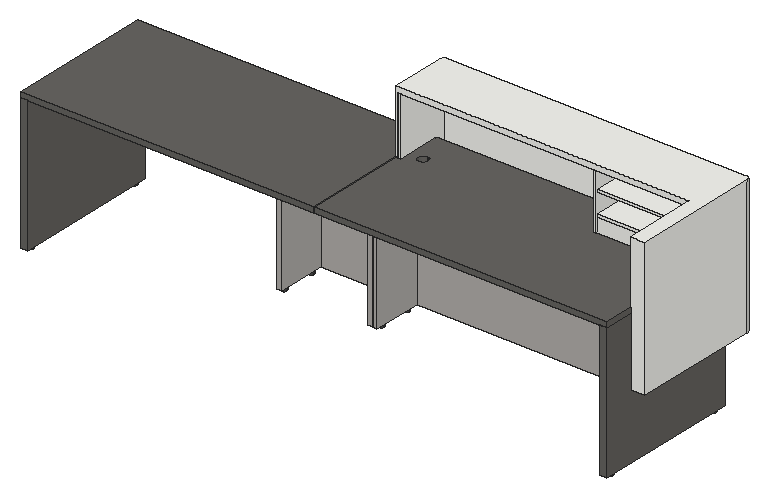
Revit family "Table-Teknion-CWRT_Reception_With_Transaction-R2016", category Furniture, Revit 2018 (continued)
Definition of nested family "Accessory-Teknion-Reception_Classic_Desk_Transaction_Counter-R2016"
  Forms (in)
    Sweep 17, solid, material <- "Outlet Finish", visible <- "Center"
      profile origin (8.03, 0, 0) x (0, 1, 0) y (0, 0, 1)
        loop
          arc (-5.667, 32.5) -> (-5.80842, 32.44142) -> (-5.867, 32.3) r 0.2
    Sweep 18, solid, material <- "Outlet Finish", visible <- "Center"
      path origin (10, 1.25, 0) x (-1, 0, 0) y (0, 1, 0)
        loop
          line (18, -1.25) -> (18.09, -1.25)
      profile origin (-8.045, 0, 0) x (0, -1, 0) y (0, 0, 1)
        loop
          arc (5.867, 32.3) -> (5.80842, 32.44142) -> (5.667, 32.5) r 0.2
          line (5.667, 32.5) -> (2.317, 32.5)
          arc (2.317, 32.5) -> (2.17558, 32.44142) -> (2.117, 32.3) r 0.2
          line (2.117, 32.3) -> (2.117, 30.7)
          arc (2.117, 30.7) -> (2.17558, 30.55858) -> (2.317, 30.5) r 0.2
          line (2.317, 30.5) -> (5.667, 30.5)
          arc (5.667, 30.5) -> (5.80842, 30.55858) -> (5.867, 30.7) r 0.2
          line (5.867, 30.7) -> (5.867, 32.3)
        loop
          line (5.32743, 32.03367) -> (4.3235, 32.03367)
          arc (4.3235, 32.03367) -> (4.30122, 32.02444) -> (4.292, 32.00217) r 0.0315
          line (4.292, 32.00217) -> (4.292, 30.99783)
          arc (4.292, 30.99783) -> (4.30122, 30.97556) -> (4.3235, 30.96633) r 0.0315
          line (4.3235, 30.96633) -> (5.32743, 30.96633)
          arc (5.32743, 30.96633) -> (5.3497, 30.97556) -> (5.35893, 30.99783) r 0.0315
          line (5.35893, 30.99783) -> (5.35893, 32.00217)
          arc (5.35893, 32.00217) -> (5.3497, 32.02444) -> (5.32743, 32.03367) r 0.0315
        loop
          line (3.65263, 32.0252) -> (2.68137, 32.0252)
          arc (2.68137, 32.0252) -> (2.65353, 32.01367) -> (2.642, 31.98583) r 0.03937
          line (2.642, 31.98583) -> (2.642, 31.01417)
          arc (2.642, 31.01417) -> (2.65353, 30.98633) -> (2.68137, 30.9748) r 0.03937
          line (2.68137, 30.9748) -> (3.65263, 30.9748)
          arc (3.65263, 30.9748) -> (3.68047, 30.98633) -> (3.692, 31.01417) r 0.03937
          line (3.692, 31.01417) -> (3.692, 31.98583)
          arc (3.692, 31.98583) -> (3.68047, 32.01367) -> (3.65263, 32.0252) r 0.03937
        loop
          line (3.17743, 31.81496) -> (3.17743, 31.66417) -> (3.60499, 31.66417) -> (3.60499, 31.81496) -> (3.17743, 31.81496)
        loop
          line (3.56562, 31.18504) -> (3.56562, 31.33583) -> (3.2168, 31.33583) -> (3.2168, 31.18504) -> (3.56562, 31.18504)
        loop
          line (4.75952, 31.24114) -> (4.75952, 31.75886) -> (4.53708, 31.75886) -> (4.53708, 31.24114) -> (4.75952, 31.24114)
        loop
          line (5.11385, 31.75886) -> (4.89141, 31.75886) -> (4.89141, 31.24114) -> (5.11385, 31.24114) -> (5.11385, 31.75886)
        loop
          line (2.77743, 31.64291) -> (2.77743, 31.35709) -> (2.92035, 31.35709)
          arc (2.92035, 31.35709) -> (3.06326, 31.5) -> (2.92035, 31.64291) r 0.14291
          line (2.92035, 31.64291) -> (2.77743, 31.64291)
    Sweep 19, solid, material <- "Outlet Finish", visible <- "Center"
      path origin (10, 1.25, 0) x (-1, 0, 0) y (0, 1, 0)
        loop
          line (18, -1.25) -> (18.1, -1.25)
      profile origin (-8.05, 0, 0) x (0, -1, 0) y (0, 0, 1)
        loop
          line (5.32743, 32.03367) -> (4.3235, 32.03367)
          arc (4.3235, 32.03367) -> (4.30122, 32.02444) -> (4.292, 32.00217) r 0.0315
          line (4.292, 32.00217) -> (4.292, 30.99783)
          arc (4.292, 30.99783) -> (4.30122, 30.97556) -> (4.3235, 30.96633) r 0.0315
          line (4.3235, 30.96633) -> (5.32743, 30.96633)
          arc (5.32743, 30.96633) -> (5.3497, 30.97556) -> (5.35893, 30.99783) r 0.0315
          line (5.35893, 30.99783) -> (5.35893, 32.00217)
          arc (5.35893, 32.00217) -> (5.3497, 32.02444) -> (5.32743, 32.03367) r 0.0315
        loop
          line (4.89141, 31.75886) -> (4.89141, 31.24114) -> (5.11385, 31.24114) -> (5.11385, 31.75886) -> (4.89141, 31.75886)
        loop
          line (4.53708, 31.75886) -> (4.53708, 31.24114) -> (4.75952, 31.24114) -> (4.75952, 31.75886) -> (4.53708, 31.75886)
        loop
          line (3.65263, 32.0252) -> (2.68137, 32.0252)
          arc (2.68137, 32.0252) -> (2.65353, 32.01367) -> (2.642, 31.98583) r 0.03937
          line (2.642, 31.98583) -> (2.642, 31.01417)
          arc (2.642, 31.01417) -> (2.65353, 30.98633) -> (2.68137, 30.9748) r 0.03937
          line (2.68137, 30.9748) -> (3.65263, 30.9748)
          arc (3.65263, 30.9748) -> (3.68047, 30.98633) -> (3.692, 31.01417) r 0.03937
          line (3.692, 31.01417) -> (3.692, 31.98583)
          arc (3.692, 31.98583) -> (3.68047, 32.01367) -> (3.65263, 32.0252) r 0.03937
        loop
          line (3.60499, 31.81496) -> (3.17743, 31.81496) -> (3.17743, 31.66417) -> (3.60499, 31.66417) -> (3.60499, 31.81496)
        loop
          line (3.2168, 31.33583) -> (3.2168, 31.18504) -> (3.56562, 31.18504) -> (3.56562, 31.33583) -> (3.2168, 31.33583)
        loop
          line (2.92035, 31.64291) -> (2.77743, 31.64291) -> (2.77743, 31.35709) -> (2.92035, 31.35709)
          arc (2.92035, 31.35709) -> (3.06326, 31.5) -> (2.92035, 31.64291) r 0.14291
    Sweep 20, solid, material <- "Outlet Finish", visible <- "Center"
      path origin (0, 0, 0) x (-1, 0, 0) y (0, 1, 0)
        loop
          line (8, 0) -> (8.06, 0)
      profile origin (-8.03, 0, 0) x (0, -1, 0) y (0, 0, 1)
        loop
          line (6.25046, 33) -> (1.75046, 33)
          arc (1.75046, 33) -> (1.57369, 32.92678) -> (1.50046, 32.75) r 0.25
          line (1.50046, 32.75) -> (1.50046, 30.25)
          arc (1.50046, 30.25) -> (1.57369, 30.07322) -> (1.75046, 30) r 0.25
          line (1.75046, 30) -> (6.25046, 30)
          arc (6.25046, 30) -> (6.42724, 30.07322) -> (6.50046, 30.25) r 0.25
          line (6.50046, 30.25) -> (6.50046, 32.75)
          arc (6.50046, 32.75) -> (6.42724, 32.92678) -> (6.25046, 33) r 0.25
        loop
          arc (5.867, 32.3) -> (5.80842, 32.44142) -> (5.667, 32.5) r 0.2
          line (5.667, 32.5) -> (2.317, 32.5)
          arc (2.317, 32.5) -> (2.17558, 32.44142) -> (2.117, 32.3) r 0.2
          line (2.117, 32.3) -> (2.117, 30.7)
          arc (2.117, 30.7) -> (2.17558, 30.55858) -> (2.317, 30.5) r 0.2
          line (2.317, 30.5) -> (5.667, 30.5)
          arc (5.667, 30.5) -> (5.80842, 30.55858) -> (5.867, 30.7) r 0.2
          line (5.867, 30.7) -> (5.867, 32.3)
    Sweep 21, void
      path origin (0, 0, 0) x (1, 0, 0) y (0, 1, 0)
        loop
          line (-36, 0) -> (72, 0)
      profile origin (18, 0, 0) x (0, 1, 0) y (0, 0, 1)
        loop
          line (0, 29.5) -> (-9, 29.5) -> (-9, 14.5) -> (-4, 14.5) -> (-4, 28.5) -> (0, 28.5) -> (0, 29.5)
    Sweep 22, void
      path origin (0, 0, 0) x (1, 0, 0) y (0, 1, 0)
        loop
          line (0.5, 0) -> (72, 0)
      profile origin (36.25, 0, 0) x (0, 1, 0) y (0, 0, 1)
        loop
          line (0, 29.5) -> (-9, 29.5) -> (-9, 14.5) -> (-4, 14.5) -> (-4, 28.5) -> (0, 28.5) -> (0, 29.5)
  Cuts and joins
    Sweep 22 cuts Sweep 1
    joined: Sweep 1, Sweep 3, Sweep 4
    Sweep 21 cuts Sweep 7
    joined: Sweep 7, Sweep 9
    Sweep 21 cuts Sweep 8
    Sweep 22 cuts Sweep 2
  Lines and regions (in)
    Masking region 1, visible <- "Left or Right"
      outline origin (0, 0, 0) x (1, 0, 0) y (0, 1, 0)
        loop
          line (0, -9) -> (72, -9) -> (72, 2)
          arc (72, 2) -> (71.70711, 2.70711) -> (71, 3) r 1
          line (71, 3) -> (-2, 3)
          arc (-2, 3) -> (-2.70711, 2.70711) -> (-3, 2) r 1
          line (-3, 2) -> (-3, -24) -> (0, -24) -> (0, -9)
    Masking region 2, visible <- "Center"
      outline origin (0, 0, 0) x (1, 0, 0) y (0, 1, 0)
        loop
          line (-36, -9) -> (36, -9) -> (36, 2)
          arc (36, 2) -> (35.70711, 2.70711) -> (35, 3) r 1
          line (35, 3) -> (-35, 3)
          arc (-35, 3) -> (-35.70711, 2.70711) -> (-36, 2) r 1
          line (-36, 2) -> (-36, -9)
    symbolic lines, visible <- "Left or Right", detail levels fine
      curve 1: line (0, -23.5, 0) -> (-2.5, -23.5, 0)
      curve 2: line (-2.5, 2.5, 0) -> (-2.5, -23.5, 0)
      curve 3: line (71.5, 2.5, 0) -> (-2.5, 2.5, 0)
      curve 4: line (71.5, -9, 0) -> (71.5, 2.5, 0)
      curve 5: line (71, 2, 0) -> (71, -9, 0)
      curve 6: line (-2, 2, 0) -> (71, 2, 0)
      curve 7: line (-2, -23, 0) -> (-2, 2, 0)
      curve 8: line (-0.5, -23, 0) -> (-2, -23, 0)
      curve 9: line (0, 2, 0) -> (0, -8.5, 0)
      curve 10: line (0.5, -8.5, 0) -> (0.5, 2, 0)
      curve 11: line (0, -8.5, 0) -> (0.5, -8.5, 0)
      curve 12: line (19.5, 2, 0) -> (19.5, -8.5, 0)
      curve 13: line (20, -8.5, 0) -> (20, 2, 0)
      curve 14: line (19.5, -8.5, 0) -> (20, -8.5, 0)
      curve 15: line (0.5, -8.375, 0) -> (19.5, -8.375, 0)
      curve 16: line (0.5, -8.275, 0) -> (19.5, -8.275, 0)
      curve 17: line (19.5, -7.775, 0) -> (0.5, -7.775, 0)
      curve 18: line (0, -9, 0) -> (0, -8.5, 0)
      curve 29: line (20.06, -8.15846, 0) -> (20.06, -1.50046, 0)
      curve 30: line (20.06, -1.50046, 0) -> (20, -1.50046, 0)
      curve 31: line (20.09, -5.867, 0) -> (20.09, -2.117, 0)
      curve 32: line (20.09, -2.117, 0) -> (20, -2.117, 0)
      curve 33: line (20, -5.867, 0) -> (20.09, -5.867, 0)
      curve 34: line (20.1, -4.292, 0) -> (20, -4.292, 0)
      curve 35: line (20, -5.35893, 0) -> (20.1, -5.35893, 0)
      curve 36: line (20, -3.692, 0) -> (20.1, -3.692, 0)
      curve 37: line (20.1, -2.642, 0) -> (20, -2.642, 0)
      curve 38: line (20.1, -2.642, 0) -> (20.1, -3.692, 0)
      curve 39: line (20.1, -4.292, 0) -> (20.1, -5.35893, 0)
      curve 64: line (-0.5, 2, 0) -> (-0.5, -23.5, 0)
      curve 68: line (19.5, 1.9, 0) -> (0.5, 1.9, 0)
    symbolic lines, visible <- "Center", detail levels fine
      curve 19: line (-35, 2, 0) -> (35, 2, 0)
      curve 20: line (-8, 2, 0) -> (-8, -8.5, 0)
      curve 21: line (-8, -8.5, 0) -> (-7.5, -8.5, 0)
      curve 22: line (-7.5, -8.5, 0) -> (-7.5, 2, 0)
      curve 23: line (8, -8.5, 0) -> (8, 2, 0)
      curve 24: line (7.5, -8.5, 0) -> (8, -8.5, 0)
      curve 25: line (7.5, 2, 0) -> (7.5, -8.5, 0)
      curve 26: line (7.5, -7.775, 0) -> (-7.5, -7.775, 0)
      curve 27: line (-7.5, -8.275, 0) -> (7.5, -8.275, 0)
      curve 28: line (-7.5, -8.375, 0) -> (7.5, -8.375, 0)
      curve 40: line (8.06, -1.50046, 0) -> (8, -1.50046, 0)
      curve 41: line (8, -6.50046, 0) -> (8.06, -6.50046, 0)
      curve 42: line (8.06, -6.50046, 0) -> (8.06, -1.50046, 0)
      curve 43: line (8, -5.867, 0) -> (8.09, -5.867, 0)
      curve 44: line (8.09, -2.117, 0) -> (8, -2.117, 0)
      curve 45: line (8.09, -5.867, 0) -> (8.09, -2.117, 0)
      curve 46: line (8.1, -2.642, 0) -> (8, -2.642, 0)
      curve 47: line (8, -3.692, 0) -> (8.1, -3.692, 0)
      curve 48: line (8.1, -4.292, 0) -> (8, -4.292, 0)
      curve 49: line (8, -5.35893, 0) -> (8.1, -5.35893, 0)
      curve 50: line (8.1, -5.35893, 0) -> (8.1, -4.292, 0)
      curve 51: line (8.1, -3.692, 0) -> (8.1, -2.642, 0)
      curve 52: line (-8, -1.50046, 0) -> (-8.06, -1.50046, 0)
      curve 53: line (-8.06, -6.50046, 0) -> (-8, -6.50046, 0)
      curve 54: line (-8.06, -1.50046, 0) -> (-8.06, -6.50046, 0)
      curve 55: line (-8.09, -5.867, 0) -> (-8, -5.867, 0)
      curve 56: line (-8, -2.117, 0) -> (-8.09, -2.117, 0)
      curve 57: line (-8.09, -2.117, 0) -> (-8.09, -5.867, 0)
      curve 58: line (-8, -2.642, 0) -> (-8.1, -2.642, 0)
      curve 59: line (-8.1, -3.692, 0) -> (-8, -3.692, 0)
      curve 60: line (-8, -4.292, 0) -> (-8.1, -4.292, 0)
      curve 61: line (-8.1, -5.35893, 0) -> (-8, -5.35893, 0)
      curve 62: line (-8.1, -5.35893, 0) -> (-8.1, -4.292, 0)
      curve 63: line (-8.1, -2.642, 0) -> (-8.1, -3.692, 0)
      curve 65: line (-35.5, 2.5, 0) -> (-35.5, -9, 0)
      curve 66: line (-35, -9, 0) -> (-35, 2, 0)
      curve 67: line (7.5, 1.9, 0) -> (-7.5, 1.9, 0)
      curve 69: line (35, 2, 0) -> (35, -9, 0)
      curve 70: line (35.5, -9, 0) -> (35.5, 2.5, 0)
      curve 71: line (35.5, 2.5, 0) -> (-35.5, 2.5, 0)
  Dimensions and locks (in)
    plane 4 "Left" to plane 5 "Right" = 75.000"
    locked: plane 6 "Back" to plane 7 "Front" at 12
    plane 8 "Top" to level = 42.50006"
    locked: plane 9 to plane 3 "Center Left/Right" at 3
    locked: plane 1 "Center Front/Back" to plane 11 at 3
    locked: plane 10 to plane 1 "Center Front/Back" at 24
    "Offset 1": plane 3 "Center Left/Right" to plane 12
    locked: plane 9 to Sweep 1 sketch curve at 0.5
    locked: plane 11 to Sweep 1 sketch curve at 0.5
    locked: Sweep 1 sketch curve to plane 10 at 0.5
    locked: plane 11 to Sweep 1 sketch curve at 12
    locked: plane 9 to Sweep 1 sketch curve at 1
    locked: plane 11 to Sweep 1 sketch curve at 1  (x2)
    locked: Sweep 1 sketch curve to plane 12 at 1
    Sweep 2 sketch curve to plane 13 = 26.941"
    Sweep 2 sketch curve to Sweep 2 sketch curve to plane 10 = 0.500" locked, 0.500" locked
    plane 11 to Sweep 2 sketch curve to Sweep 2 sketch curve to Sweep 2 sketch curve = 0.500" locked, 0.500" locked, 11.000" locked
    plane 9 to Sweep 2 sketch curve to Sweep 2 sketch curve to Sweep 2 sketch curve = 0.500" locked, 0.500" locked, 1.500" locked
    Sweep 2 sketch curve to Sweep 2 sketch curve to plane 12 = 0.500" locked, 0.500" locked
    locked: plane 8 "Top" to Sweep 3 sketch curve at 1.05906
    locked: Sweep 3 sketch curve to plane 10 at 15
    locked: plane 11 to Sweep 3 sketch curve at 1  (x2)
    locked: plane 9 to Sweep 3 sketch curve at 1
    locked: Sweep 3 sketch curve to plane 12 at 1
    "Offest 2": plane 3 "Center Left/Right" to plane 14
    Sweep 5 sketch curve to Sweep 5 sketch curve to plane 13 = 11.941" locked, 15.000" locked
    Sweep 5 sketch curve to Sweep 5 sketch curve to plane 11 = 0.000" locked, 1.000" locked
    Sweep 5 sketch curve to Sweep 5 sketch curve to plane 10 = 0.000" locked, 15.500" locked
    locked: plane 3 "Center Left/Right" to Sweep 5 sketch curve at 0.5
    locked: Sweep 5 sketch curve to plane 14 at 0.5
    locked: plane 3 "Center Left/Right" to Sweep 6 sketch curve at 0.5
    locked: Sweep 6 sketch curve to plane 14 at 0.5
    plane 13 to Sweep 6 sketch curve to Sweep 6 sketch curve to Sweep 6 sketch curve to Sweep 6 sketch curve to Sweep 6 sketch curve to Sweep 6 sketch curve = 15.000" locked, 3.000" locked, 0.000" locked, 0.500" locked, 4.000" locked, 0.500" locked
    plane 11 to Sweep 6 sketch curve to Sweep 6 sketch curve to Sweep 6 sketch curve to Sweep 6 sketch curve to Sweep 6 sketch curve to Sweep 6 sketch curve = 1.100" locked, 0.000" locked, 9.675" locked, 0.500" locked, 0.100" locked, 0.000" locked
    "Offset 3": plane 15 to plane 3 "Center Left/Right"
    "Offset 3": plane 3 "Center Left/Right" to plane 17
    plane 16 to plane 1 "Center Front/Back" to plane 18 = 9.000" locked, 3.000" locked
    locked: Sweep 7 sketch curve to level at 41.441
    Sweep 7 sketch curve to Sweep 7 sketch curve to Sweep 7 sketch curve to Sweep 7 sketch curve to Sweep 7 sketch curve to plane 18 = 0.000" locked, 11.000", 0.000" locked, 0.500" locked, 0.500" locked
    plane 15 to Sweep 7 sketch curve to Sweep 7 sketch curve = 0.500" locked, 0.500" locked
    Sweep 7 sketch curve to Sweep 7 sketch curve to plane 17 = 0.500" locked, 0.500" locked
    locked: Sweep 8 sketch curve to plane 13 at 26.941
    Sweep 8 sketch curve to Sweep 8 sketch curve to Sweep 8 sketch curve to Sweep 8 sketch curve to plane 18 = 0.000" locked, 11.000" locked, 0.500" locked, 0.500" locked
    plane 15 to Sweep 8 sketch curve to Sweep 8 sketch curve = 0.500" locked, 0.500" locked
    Sweep 8 sketch curve to Sweep 8 sketch curve to plane 17 = 0.500" locked, 0.500" locked
    plane 19 to plane 3 "Center Left/Right" to plane 20 = 8.000" locked, 8.000" locked
    locked: plane 8 "Top" to Sweep 9 sketch curve at 1.05906
    locked: plane 15 to Sweep 9 sketch curve at 1
    locked: Sweep 9 sketch curve to plane 18 at 1  (x2)
    Sweep 9 sketch curve to plane 17 = 1.000"
    Sweep 10 sketch curve to Sweep 10 sketch curve to plane 13 = 11.941", 15.000"
    Sweep 10 sketch curve to Sweep 10 sketch curve to plane 16 = 0.000" locked, 0.500" locked
    Sweep 10 sketch curve to Sweep 10 sketch curve to plane 18 = 0.000" locked, 1.000" locked
    locked: plane 19 to Sweep 10 sketch curve at 0.5
    locked: Sweep 10 sketch curve to plane 20 at 0.5
    Sweep 11 sketch curve to plane 3 "Center Left/Right" to Sweep 11 sketch curve = 7.500" locked, 7.500" locked
    plane 13 to Sweep 11 sketch curve to Sweep 11 sketch curve to Sweep 11 sketch curve to Sweep 11 sketch curve to Sweep 11 sketch curve to Sweep 11 sketch curve = 15.000", 3.000" locked, 0.000" locked, 0.500" locked, 4.000" locked, 0.500" locked
    Sweep 11 sketch curve to Sweep 11 sketch curve to plane 1 "Center Front/Back" to Sweep 11 sketch curve to Sweep 11 sketch curve to Sweep 11 sketch curve to Sweep 11 sketch curve = 0.000" locked, 1.900" locked, 7.775" locked, 0.500" locked, 0.100" locked, 0.000" locked
    locked: plane 9 to Masking region 1 sketch curve at 3
    locked: Masking region 1 sketch curve to plane 10 at 15
    locked: plane 9 to Masking region 1 sketch curve at 1
    locked: plane 11 to Masking region 1 sketch curve at 1  (x2)
    locked: Masking region 1 sketch curve to plane 12 at 1
    locked: Masking region 2 sketch curve to plane 18 at 1  (x2)
    locked: plane 15 to Masking region 2 sketch curve at 1
    locked: Masking region 2 sketch curve to plane 17 at 1
    "Top": plane 6 "Back" to plane 1 "Center Front/Back"
    "Left": plane 4 "Left" to plane 3 "Center Left/Right"
    "Right": plane 3 "Center Left/Right" to plane 5 "Right"
    locked: plane 14 to Sweep 12 sketch curve at 0.06
    Sweep 12 sketch curve to Sweep 12 sketch curve to Sweep 12 sketch curve to Sweep 12 sketch curve to Sweep 12 sketch curve to Sweep 12 sketch curve to Sweep 12 sketch curve to Sweep 12 sketch curve to Sweep 12 sketch curve to Sweep 12 sketch curve to Sweep 12 sketch curve to Sweep 12 sketch curve to level = 0.250" locked, 0.000" locked, 0.250" locked, 0.200" locked, 0.000" locked, 1.600" locked, 0.000" locked, 0.200" locked, 0.250" locked, 0.000" locked, 0.250" locked, 30.000" locked
    plane 16 to Sweep 12 sketch curve to Sweep 12 sketch curve to Sweep 12 sketch curve to Sweep 12 sketch curve to Sweep 12 sketch curve to Sweep 12 sketch curve to Sweep 12 sketch curve to Sweep 12 sketch curve to Sweep 12 sketch curve to Sweep 12 sketch curve to Sweep 12 sketch curve to Sweep 12 sketch curve = 2.49954" locked, 0.250" locked, 0.000" locked, 0.38346" locked, 0.200" locked, 0.000" locked, 3.350" locked, 0.000" locked, 0.200" locked, 0.36654" locked, 0.000" locked, 0.250" locked
    locked: plane 14 to Sweep 13 sketch curve at 0.09
    plane 16 to Sweep 13 sketch curve to Sweep 13 sketch curve to Sweep 13 sketch curve to Sweep 13 sketch curve to Sweep 13 sketch curve to Sweep 13 sketch curve to Sweep 13 sketch curve to Sweep 13 sketch curve to Sweep 13 sketch curve to Sweep 13 sketch curve to Sweep 13 sketch curve to Sweep 13 sketch curve to Sweep 13 sketch curve to Sweep 13 sketch curve to Sweep 13 sketch curve to Sweep 13 sketch curve to Sweep 13 sketch curve to Sweep 13 sketch curve to Sweep 13 sketch curve to Sweep 13 sketch curve to Sweep 13 sketch curve to Sweep 13 sketch curve to Sweep 13 sketch curve to Sweep 13 sketch curve to Sweep 13 sketch curve to Sweep 13 sketch curve to Sweep 13 sketch curve to Sweep 13 sketch curve = 3.133" locked, 0.200" locked, 0.000" locked, 0.30807" locked, 0.0315" locked, 0.000" locked, 0.21358" locked, 0.22244" locked, 0.13189" locked, 0.22244" locked, 0.21358" locked, 0.000" locked, 0.0315" locked, 0.600" locked, 0.03937" locked, 0.000" locked, 0.04764" locked, 0.03937" locked, 0.34882" locked, 0.03937" locked, 0.25709" locked, 0.14291" locked, 0.09606" locked, 0.000" locked, 0.03937" locked, 0.325" locked, 0.000" locked, 0.200" locked
    Sweep 13 sketch curve to Sweep 13 sketch curve to Sweep 13 sketch curve to Sweep 13 sketch curve to Sweep 13 sketch curve to Sweep 13 sketch curve to Sweep 13 sketch curve to Sweep 13 sketch curve to Sweep 13 sketch curve to Sweep 13 sketch curve to Sweep 13 sketch curve to Sweep 13 sketch curve to Sweep 13 sketch curve to Sweep 13 sketch curve to Sweep 13 sketch curve to Sweep 13 sketch curve to Sweep 13 sketch curve to Sweep 13 sketch curve to Sweep 13 sketch curve to Sweep 13 sketch curve to Sweep 13 sketch curve to Sweep 13 sketch curve to Sweep 13 sketch curve to Sweep 13 sketch curve to Sweep 13 sketch curve to Sweep 13 sketch curve to Sweep 13 sketch curve to Sweep 13 sketch curve to level = 0.200" locked, 0.000" locked, 0.26633" locked, 0.00847" locked, 0.02303" locked, 0.000" locked, 0.01634" locked, 0.000" locked, 0.17087" locked, 0.0561" locked, 0.000" locked, 0.09469" locked, 0.02126" locked, 0.28583" locked, 0.02126" locked, 0.09469" locked, 0.000" locked, 0.0561" locked, 0.17087" locked, 0.000" locked, 0.01634" locked, 0.000" locked, 0.02303" locked, 0.00847" locked, 0.26633" locked, 0.000" locked, 0.200" locked, 30.500" locked
    locked: plane 14 to Sweep 14 sketch curve at 0.1
    Sweep 14 sketch curve to Sweep 14 sketch curve to Sweep 14 sketch curve to Sweep 14 sketch curve to Sweep 14 sketch curve to Sweep 14 sketch curve to Sweep 14 sketch curve to Sweep 14 sketch curve to Sweep 14 sketch curve to Sweep 14 sketch curve to Sweep 14 sketch curve to Sweep 14 sketch curve to Sweep 14 sketch curve to Sweep 14 sketch curve to Sweep 14 sketch curve to Sweep 14 sketch curve to Sweep 14 sketch curve to Sweep 14 sketch curve to Sweep 14 sketch curve to Sweep 14 sketch curve to Sweep 14 sketch curve to Sweep 14 sketch curve to level = 0.00847" locked, 0.02303" locked, 0.000" locked, 0.01634" locked, 0.000" locked, 0.17087" locked, 0.0561" locked, 0.000" locked, 0.09469" locked, 0.02126" locked, 0.28583" locked, 0.02126" locked, 0.09469" locked, 0.000" locked, 0.0561" locked, 0.17087" locked, 0.000" locked, 0.01634" locked, 0.000" locked, 0.02303" locked, 0.00847" locked, 30.96633" locked
    plane 16 to Sweep 14 sketch curve to Sweep 14 sketch curve to Sweep 14 sketch curve to Sweep 14 sketch curve to Sweep 14 sketch curve to Sweep 14 sketch curve to Sweep 14 sketch curve to Sweep 14 sketch curve to Sweep 14 sketch curve to Sweep 14 sketch curve to Sweep 14 sketch curve to Sweep 14 sketch curve to Sweep 14 sketch curve to Sweep 14 sketch curve to Sweep 14 sketch curve to Sweep 14 sketch curve to Sweep 14 sketch curve to Sweep 14 sketch curve to Sweep 14 sketch curve to Sweep 14 sketch curve to Sweep 14 sketch curve to Sweep 14 sketch curve = 3.64107" locked, 0.0315" locked, 0.000" locked, 0.21358" locked, 0.22244" locked, 0.13189" locked, 0.22244" locked, 0.21358" locked, 0.000" locked, 0.0315" locked, 0.600" locked, 0.03937" locked, 0.000" locked, 0.04764" locked, 0.03937" locked, 0.34882" locked, 0.03937" locked, 0.25709" locked, 0.14291" locked, 0.09606" locked, 0.000" locked, 0.03937" locked
    plane 16 to Sweep 15 sketch curve to Sweep 15 sketch curve to Sweep 15 sketch curve to Sweep 15 sketch curve to Sweep 15 sketch curve to Sweep 15 sketch curve to Sweep 15 sketch curve to Sweep 15 sketch curve to Sweep 15 sketch curve to Sweep 15 sketch curve to Sweep 15 sketch curve to Sweep 15 sketch curve to Sweep 15 sketch curve to Sweep 15 sketch curve to Sweep 15 sketch curve to Sweep 15 sketch curve to Sweep 15 sketch curve to Sweep 15 sketch curve to Sweep 15 sketch curve to Sweep 15 sketch curve to Sweep 15 sketch curve to Sweep 15 sketch curve to Sweep 15 sketch curve to Sweep 15 sketch curve to Sweep 15 sketch curve to Sweep 15 sketch curve to Sweep 15 sketch curve to Sweep 15 sketch curve = 3.133" locked, 0.200" locked, 0.000" locked, 0.30807" locked, 0.0315" locked, 0.000" locked, 0.21358" locked, 0.22244" locked, 0.13189" locked, 0.22244" locked, 0.21358" locked, 0.000" locked, 0.0315" locked, 0.600" locked, 0.03937" locked, 0.000" locked, 0.04764" locked, 0.03937" locked, 0.34882" locked, 0.03937" locked, 0.25709" locked, 0.14291" locked, 0.09606" locked, 0.000" locked, 0.03937" locked, 0.325" locked, 0.000" locked, 0.200" locked
    Sweep 15 sketch curve to Sweep 15 sketch curve to Sweep 15 sketch curve to Sweep 15 sketch curve to Sweep 15 sketch curve to Sweep 15 sketch curve to Sweep 15 sketch curve to Sweep 15 sketch curve to Sweep 15 sketch curve to Sweep 15 sketch curve to Sweep 15 sketch curve to Sweep 15 sketch curve to Sweep 15 sketch curve to Sweep 15 sketch curve to Sweep 15 sketch curve to Sweep 15 sketch curve to Sweep 15 sketch curve to Sweep 15 sketch curve to Sweep 15 sketch curve to Sweep 15 sketch curve to Sweep 15 sketch curve to Sweep 15 sketch curve to Sweep 15 sketch curve to Sweep 15 sketch curve to Sweep 15 sketch curve to Sweep 15 sketch curve to Sweep 15 sketch curve to Sweep 15 sketch curve to level = 0.200" locked, 0.000" locked, 0.26633" locked, 0.00847" locked, 0.02303" locked, 0.000" locked, 0.01634" locked, 0.000" locked, 0.17087" locked, 0.0561" locked, 0.000" locked, 0.09469" locked, 0.02126" locked, 0.28583" locked, 0.02126" locked, 0.09469" locked, 0.000" locked, 0.0561" locked, 0.17087" locked, 0.000" locked, 0.01634" locked, 0.000" locked, 0.02303" locked, 0.00847" locked, 0.26633" locked, 0.000" locked, 0.200" locked, 30.500" locked
    Sweep 16 sketch curve to Sweep 16 sketch curve to Sweep 16 sketch curve to Sweep 16 sketch curve to Sweep 16 sketch curve to Sweep 16 sketch curve to Sweep 16 sketch curve to Sweep 16 sketch curve to Sweep 16 sketch curve to Sweep 16 sketch curve to Sweep 16 sketch curve to Sweep 16 sketch curve to Sweep 16 sketch curve to Sweep 16 sketch curve to Sweep 16 sketch curve to Sweep 16 sketch curve to Sweep 16 sketch curve to Sweep 16 sketch curve to Sweep 16 sketch curve to Sweep 16 sketch curve to Sweep 16 sketch curve to Sweep 16 sketch curve to level = 0.00847" locked, 0.02303" locked, 0.000" locked, 0.01634" locked, 0.000" locked, 0.17087" locked, 0.0561" locked, 0.000" locked, 0.09469" locked, 0.02126" locked, 0.28583" locked, 0.02126" locked, 0.09469" locked, 0.000" locked, 0.0561" locked, 0.17087" locked, 0.000" locked, 0.01634" locked, 0.000" locked, 0.02303" locked, 0.00847" locked, 30.96633" locked
    plane 16 to Sweep 16 sketch curve to Sweep 16 sketch curve to Sweep 16 sketch curve to Sweep 16 sketch curve to Sweep 16 sketch curve to Sweep 16 sketch curve to Sweep 16 sketch curve to Sweep 16 sketch curve to Sweep 16 sketch curve to Sweep 16 sketch curve to Sweep 16 sketch curve to Sweep 16 sketch curve to Sweep 16 sketch curve to Sweep 16 sketch curve to Sweep 16 sketch curve to Sweep 16 sketch curve to Sweep 16 sketch curve to Sweep 16 sketch curve to Sweep 16 sketch curve to Sweep 16 sketch curve to Sweep 16 sketch curve to Sweep 16 sketch curve = 3.64107" locked, 0.0315" locked, 0.000" locked, 0.21358" locked, 0.22244" locked, 0.13189" locked, 0.22244" locked, 0.21358" locked, 0.000" locked, 0.0315" locked, 0.600" locked, 0.03937" locked, 0.000" locked, 0.04764" locked, 0.03937" locked, 0.34882" locked, 0.03937" locked, 0.25709" locked, 0.14291" locked, 0.09606" locked, 0.000" locked, 0.03937" locked
    locked: plane 20 to Sweep 17 sketch curve at 0.06
    plane 16 to Sweep 17 sketch curve to Sweep 17 sketch curve to Sweep 17 sketch curve to Sweep 17 sketch curve to Sweep 17 sketch curve to Sweep 17 sketch curve to Sweep 17 sketch curve to Sweep 17 sketch curve to Sweep 17 sketch curve to Sweep 17 sketch curve to Sweep 17 sketch curve to Sweep 17 sketch curve = 2.49954" locked, 0.250" locked, 0.000" locked, 0.38346" locked, 0.200" locked, 0.000" locked, 3.350" locked, 0.000" locked, 0.200" locked, 0.36654" locked, 0.000" locked, 0.250" locked
    Sweep 17 sketch curve to Sweep 17 sketch curve to Sweep 17 sketch curve to Sweep 17 sketch curve to Sweep 17 sketch curve to Sweep 17 sketch curve to Sweep 17 sketch curve to Sweep 17 sketch curve to Sweep 17 sketch curve to Sweep 17 sketch curve to Sweep 17 sketch curve to Sweep 17 sketch curve to level = 0.250" locked, 0.000" locked, 0.250" locked, 0.200" locked, 0.000" locked, 1.600" locked, 0.000" locked, 0.200" locked, 0.250" locked, 0.000" locked, 0.250" locked, 30.000" locked
    Sweep 18 sketch curve to Sweep 18 sketch curve to Sweep 18 sketch curve to Sweep 18 sketch curve to Sweep 18 sketch curve to Sweep 18 sketch curve to Sweep 18 sketch curve to Sweep 18 sketch curve to Sweep 18 sketch curve to Sweep 18 sketch curve to Sweep 18 sketch curve to Sweep 18 sketch curve to Sweep 18 sketch curve to Sweep 18 sketch curve to Sweep 18 sketch curve to Sweep 18 sketch curve to Sweep 18 sketch curve to Sweep 18 sketch curve to Sweep 18 sketch curve to Sweep 18 sketch curve to Sweep 18 sketch curve to Sweep 18 sketch curve to Sweep 18 sketch curve to Sweep 18 sketch curve to Sweep 18 sketch curve to Sweep 18 sketch curve to Sweep 18 sketch curve to Sweep 18 sketch curve to plane 16 = 0.200" locked, 0.000" locked, 0.325" locked, 0.03937" locked, 0.000" locked, 0.09606" locked, 0.14291" locked, 0.25709" locked, 0.03937" locked, 0.34882" locked, 0.03937" locked, 0.04764" locked, 0.000" locked, 0.03937" locked, 0.600" locked, 0.0315" locked, 0.000" locked, 0.21358" locked, 0.22244" locked, 0.13189" locked, 0.22244" locked, 0.21358" locked, 0.000" locked, 0.0315" locked, 0.30807" locked, 0.000" locked, 0.200" locked, 3.133" locked
    Sweep 18 sketch curve to Sweep 18 sketch curve to Sweep 18 sketch curve to Sweep 18 sketch curve to Sweep 18 sketch curve to Sweep 18 sketch curve to Sweep 18 sketch curve to Sweep 18 sketch curve to Sweep 18 sketch curve to Sweep 18 sketch curve to Sweep 18 sketch curve to Sweep 18 sketch curve to Sweep 18 sketch curve to Sweep 18 sketch curve to Sweep 18 sketch curve to Sweep 18 sketch curve to Sweep 18 sketch curve to Sweep 18 sketch curve to Sweep 18 sketch curve to Sweep 18 sketch curve to Sweep 18 sketch curve to Sweep 18 sketch curve to Sweep 18 sketch curve to Sweep 18 sketch curve to Sweep 18 sketch curve to Sweep 18 sketch curve to Sweep 18 sketch curve to Sweep 18 sketch curve to level = 0.200" locked, 0.000" locked, 0.26633" locked, 0.00847" locked, 0.02303" locked, 0.000" locked, 0.01634" locked, 0.000" locked, 0.17087" locked, 0.0561" locked, 0.000" locked, 0.09469" locked, 0.02126" locked, 0.28583" locked, 0.02126" locked, 0.09469" locked, 0.000" locked, 0.0561" locked, 0.17087" locked, 0.000" locked, 0.01634" locked, 0.000" locked, 0.02303" locked, 0.00847" locked, 0.26633" locked, 0.000" locked, 0.200" locked, 30.500" locked
    Sweep 19 sketch curve to Sweep 19 sketch curve to Sweep 19 sketch curve to Sweep 19 sketch curve to Sweep 19 sketch curve to Sweep 19 sketch curve to Sweep 19 sketch curve to Sweep 19 sketch curve to Sweep 19 sketch curve to Sweep 19 sketch curve to Sweep 19 sketch curve to Sweep 19 sketch curve to Sweep 19 sketch curve to Sweep 19 sketch curve to Sweep 19 sketch curve to Sweep 19 sketch curve to Sweep 19 sketch curve to Sweep 19 sketch curve to Sweep 19 sketch curve to Sweep 19 sketch curve to Sweep 19 sketch curve to Sweep 19 sketch curve to level = 0.00847" locked, 0.02303" locked, 0.000" locked, 0.01634" locked, 0.000" locked, 0.17087" locked, 0.0561" locked, 0.000" locked, 0.09469" locked, 0.02126" locked, 0.28583" locked, 0.02126" locked, 0.09469" locked, 0.000" locked, 0.0561" locked, 0.17087" locked, 0.000" locked, 0.01634" locked, 0.000" locked, 0.02303" locked, 0.00847" locked, 30.96633" locked
    Sweep 19 sketch curve to Sweep 19 sketch curve to Sweep 19 sketch curve to Sweep 19 sketch curve to Sweep 19 sketch curve to Sweep 19 sketch curve to Sweep 19 sketch curve to Sweep 19 sketch curve to Sweep 19 sketch curve to Sweep 19 sketch curve to Sweep 19 sketch curve to Sweep 19 sketch curve to Sweep 19 sketch curve to Sweep 19 sketch curve to Sweep 19 sketch curve to Sweep 19 sketch curve to Sweep 19 sketch curve to Sweep 19 sketch curve to Sweep 19 sketch curve to Sweep 19 sketch curve to Sweep 19 sketch curve to Sweep 19 sketch curve to plane 16 = 0.03937" locked, 0.000" locked, 0.09606" locked, 0.14291" locked, 0.25709" locked, 0.03937" locked, 0.34882" locked, 0.03937" locked, 0.04764" locked, 0.000" locked, 0.03937" locked, 0.600" locked, 0.0315" locked, 0.000" locked, 0.21358" locked, 0.22244" locked, 0.13189" locked, 0.22244" locked, 0.21358" locked, 0.000" locked, 0.0315" locked, 3.64107" locked
    Sweep 20 sketch curve to Sweep 20 sketch curve to Sweep 20 sketch curve to Sweep 20 sketch curve to Sweep 20 sketch curve to Sweep 20 sketch curve to Sweep 20 sketch curve to Sweep 20 sketch curve to Sweep 20 sketch curve to Sweep 20 sketch curve to Sweep 20 sketch curve to Sweep 20 sketch curve to plane 16 = 0.250" locked, 0.000" locked, 0.36654" locked, 0.200" locked, 0.000" locked, 3.350" locked, 0.000" locked, 0.200" locked, 0.38346" locked, 0.000" locked, 0.250" locked, 2.49954" locked
    Sweep 20 sketch curve to Sweep 20 sketch curve to Sweep 20 sketch curve to Sweep 20 sketch curve to Sweep 20 sketch curve to Sweep 20 sketch curve to Sweep 20 sketch curve to Sweep 20 sketch curve to Sweep 20 sketch curve to Sweep 20 sketch curve to Sweep 20 sketch curve to Sweep 20 sketch curve to level = 0.250" locked, 0.000" locked, 0.250" locked, 0.200" locked, 0.000" locked, 1.600" locked, 0.000" locked, 0.200" locked, 0.250" locked, 0.000" locked, 0.250" locked, 30.000" locked
    locked: Sweep 20 sketch curve to plane 19 at 0.06
    locked: Sweep 18 sketch curve to plane 19 at 0.09
    locked: Sweep 19 sketch curve to plane 19 at 0.1
    locked: plane 20 to Sweep 15 sketch curve at 0.09
    locked: plane 20 to Sweep 16 sketch curve at 0.1
    plane 13 to level = 14.500"
    Sweep 4 sketch curve to Sweep 4 sketch curve to level = 12.941" locked, 28.500" locked
    locked: Sweep 21 sketch curve to plane 16 at 5
    locked: Sweep 21 sketch curve to level at 29.5
    locked: plane 3 "Center Left/Right" to Sweep 22 sketch curve at 0.5
    locked: plane 1 "Center Front/Back" to Sweep 22 sketch curve at 4
    Sweep 22 sketch curve to Sweep 22 sketch curve to level = 1.000" locked, 28.500" locked
    Sweep 4 sketch curve to plane 1 "Center Front/Back" to Sweep 4 sketch curve = 23.500" locked, 2.000" locked
    locked: Sweep 4 sketch curve to plane 3 "Center Left/Right" at 0.5
    aligned and locked: level to plane 2
    aligned and locked: plane 8 "Top" to Sweep 1 sketch curve
    aligned and locked: plane 3 "Center Left/Right" to Sweep 1 sketch curve  (x2)
    aligned and locked: plane 13 to Sweep 1 sketch curve
    aligned and locked: plane 10 to Sweep 1 sketch curve
    aligned and locked: Sweep 1 sketch curve to plane 9
    aligned and locked: Sweep 1 sketch curve to plane 11
    aligned and locked: Sweep 1 sketch curve to plane 12
    aligned and locked: plane 3 "Center Left/Right" to Sweep 2 sketch curve
    aligned and locked: plane 13 to Sweep 2 sketch curve
    aligned and locked: plane 3 "Center Left/Right" to Sweep 3 sketch curve
    aligned and locked: plane 8 "Top" to Sweep 3 sketch curve
    aligned and locked: Sweep 3 sketch curve to plane 9
    aligned and locked: Sweep 3 sketch curve to plane 11
    aligned and locked: plane 12 to Sweep 3 sketch curve
    aligned and locked: Sweep 3 sketch curve to plane 10
    aligned and locked: Sweep 3 sketch curve to plane 3 "Center Left/Right"
    aligned and locked: plane 3 "Center Left/Right" to Sweep 5 sketch curve
    aligned and locked: Sweep 5 sketch curve to plane 14
    aligned and locked: plane 1 "Center Front/Back" to Sweep 6 sketch curve
    aligned and locked: plane 3 "Center Left/Right" to Sweep 7 sketch curve
    aligned and locked: Sweep 7 sketch curve to plane 15
    aligned and locked: Sweep 7 sketch curve to plane 18
    aligned and locked: Sweep 7 sketch curve to plane 17
    aligned and locked: plane 13 to Sweep 7 sketch curve
    aligned and locked: plane 13 to Sweep 8 sketch curve
    aligned and locked: plane 3 "Center Left/Right" to Sweep 8 sketch curve
    aligned and locked: plane 3 "Center Left/Right" to Sweep 9 sketch curve
    aligned and locked: plane 8 "Top" to Sweep 9 sketch curve
    aligned and locked: Sweep 9 sketch curve to plane 16
    aligned and locked: Sweep 9 sketch curve to plane 18
    aligned and locked: Sweep 9 sketch curve to plane 17
    aligned and locked: Sweep 9 sketch curve to plane 15
    aligned and locked: plane 3 "Center Left/Right" to Sweep 10 sketch curve
    aligned and locked: Sweep 10 sketch curve to plane 20
    aligned and locked: Sweep 10 sketch curve to plane 19
    aligned and locked: plane 1 "Center Front/Back" to Sweep 11 sketch curve
    aligned and locked: Masking region 1 sketch curve to plane 9
    aligned and locked: Masking region 1 sketch curve to plane 11
    aligned and locked: Masking region 1 sketch curve to plane 12
    aligned and locked: Masking region 1 sketch curve to plane 10
    aligned and locked: Masking region 2 sketch curve to plane 16
    aligned and locked: Masking region 2 sketch curve to plane 17
    aligned and locked: Masking region 2 sketch curve to plane 18
    aligned and locked: Masking region 2 sketch curve to plane 15
    aligned and locked: curve 1 to cut or joined group of Sweep 1, Sweep 3, Sweep 4, Sweep 22
    aligned and locked: curve 2 to Sweep 2
    aligned and locked: Sweep 2 to curve 4
    aligned and locked: curve 5 to Sweep 2
    aligned and locked: curve 6 to Sweep 2
    aligned and locked: curve 7 to Sweep 2
    aligned and locked: curve 8 to Sweep 2
    aligned and locked: curve 9 to Sweep 5
    aligned and locked: curve 10 to Sweep 5
    aligned and locked: curve 11 to Sweep 5
    aligned and locked: curve 12 to Sweep 5
    aligned and locked: curve 13 to Sweep 5
    aligned and locked: curve 14 to Sweep 5
    aligned and locked: curve 15 to Sweep 6
    aligned and locked: curve 16 to Sweep 6
    aligned and locked: curve 17 to Sweep 6
    aligned and locked: curve 18 to Sweep 5
    aligned and locked: curve 18 to Masking region 1
    aligned and locked: curve 19 to Sweep 8
    aligned and locked: curve 20 to Sweep 10
    aligned and locked: curve 21 to Sweep 10
    aligned and locked: curve 22 to Sweep 10
    aligned and locked: curve 23 to Sweep 10
    aligned and locked: curve 24 to Sweep 10
    aligned and locked: curve 25 to Sweep 10
    aligned and locked: Sweep 11 to curve 26
    aligned and locked: curve 27 to Sweep 11
    aligned and locked: curve 28 to Sweep 11
    aligned and locked: plane 14 to Sweep 12 sketch curve
    aligned and locked: plane 1 "Center Front/Back" to Sweep 12 sketch curve
    aligned and locked: plane 14 to Sweep 13 sketch curve
    aligned and locked: plane 1 "Center Front/Back" to Sweep 13 sketch curve
    aligned and locked: plane 14 to Sweep 14 sketch curve
    aligned and locked: plane 1 "Center Front/Back" to Sweep 14 sketch curve
    aligned and locked: plane 1 "Center Front/Back" to Sweep 15 sketch curve
    aligned and locked: plane 1 "Center Front/Back" to Sweep 16 sketch curve
    aligned and locked: plane 20 to Sweep 17 sketch curve
    aligned and locked: plane 1 "Center Front/Back" to Sweep 17 sketch curve
    aligned and locked: plane 19 to Sweep 20 sketch curve
    aligned and locked: Sweep 20 sketch curve to plane 1 "Center Front/Back"
    aligned and locked: Sweep 18 sketch curve to plane 1 "Center Front/Back"
    aligned and locked: plane 19 to Sweep 18 sketch curve
    aligned and locked: Sweep 19 sketch curve to plane 1 "Center Front/Back"
    aligned and locked: plane 19 to Sweep 19 sketch curve
    aligned and locked: plane 20 to Sweep 15 sketch curve
    aligned and locked: plane 20 to Sweep 16 sketch curve
    aligned and locked: curve 29 to Sweep 12
    aligned and locked: curve 30 to Sweep 12
    aligned and locked: curve 31 to Sweep 13
    aligned and locked: curve 32 to Sweep 13
    aligned and locked: curve 33 to Sweep 13
    aligned and locked: curve 34 to Sweep 14
    aligned and locked: curve 35 to Sweep 14
    aligned and locked: curve 36 to Sweep 14
    aligned and locked: curve 37 to Sweep 14
    aligned and locked: curve 39 to Sweep 14
    aligned and locked: curve 38 to Sweep 14
    aligned and locked: curve 40 to Sweep 17
    aligned and locked: curve 41 to Sweep 17
    aligned and locked: curve 42 to Sweep 17
    aligned and locked: curve 43 to Sweep 15
    aligned and locked: curve 44 to Sweep 15
    aligned and locked: curve 45 to Sweep 15
    aligned and locked: curve 46 to Sweep 16
    aligned and locked: curve 47 to Sweep 16
    aligned and locked: curve 48 to Sweep 16
    aligned and locked: curve 49 to Sweep 16
    aligned and locked: curve 50 to Sweep 16
    aligned and locked: Sweep 16 to curve 51
    aligned and locked: curve 52 to Sweep 20
    aligned and locked: curve 53 to Sweep 20
    aligned and locked: curve 54 to Sweep 20
    aligned and locked: curve 55 to Sweep 18
    aligned and locked: curve 56 to Sweep 18
    aligned and locked: curve 57 to Sweep 18
    aligned and locked: curve 58 to Sweep 19
    aligned and locked: curve 59 to Sweep 19
    aligned and locked: curve 60 to Sweep 19
    aligned and locked: curve 61 to Sweep 19
    aligned and locked: curve 62 to Sweep 19
    aligned and locked: curve 63 to Sweep 19
    aligned and locked: plane 15 to Sweep 21 sketch curve
    aligned and locked: Sweep 21 sketch curve to plane 1 "Center Front/Back"
    aligned and locked: plane 1 "Center Front/Back" to Sweep 21 sketch curve
    aligned and locked: plane 13 to Sweep 21 sketch curve
    aligned and locked: plane 16 to Sweep 21 sketch curve
    aligned and locked: plane 5 "Right" to Sweep 21 sketch curve
    aligned and locked: plane 12 to Sweep 22 sketch curve
    aligned and locked: plane 1 "Center Front/Back" to Sweep 22 sketch curve  (x2)
    aligned and locked: plane 13 to Sweep 22 sketch curve
    aligned and locked: plane 16 to Sweep 22 sketch curve
    aligned and locked: Sweep 4 sketch curve to plane 3 "Center Left/Right"
    aligned and locked: curve 64 to cut or joined group of Sweep 1, Sweep 3, Sweep 4, Sweep 22
    aligned and locked: curve 65 to cut or joined group of Sweep 8, Sweep 21
    aligned and locked: curve 66 to cut or joined group of Sweep 8, Sweep 21
    aligned and locked: curve 67 to Sweep 11
    aligned and locked: curve 68 to Sweep 6
    aligned and locked: curve 69 to cut or joined group of Sweep 8, Sweep 21
    aligned and locked: curve 70 to cut or joined group of Sweep 8, Sweep 21
    aligned and locked: curve 3 to cut or joined group of Sweep 1, Sweep 3, Sweep 4, Sweep 22
    aligned and locked: curve 71 to cut or joined group of Sweep 8, Sweep 21
  Automatic sketch dimensions
    Sweep 1 sketch curve to Sweep 1 sketch curve = 0.500"
    Sweep 5 sketch curve to plane 3 "Center Left/Right" = 0.000"
    Sweep 4 sketch curve to plane 3 "Center Left/Right" = 0.000"
    Sweep 21 sketch curve to Sweep 21 sketch curve = 1.000"
    curve 1 to plane 3 "Center Left/Right" = 0.000"
    curve 66 to plane 7 "Front" = 0.000"
    plane 7 "Front" to curve 5 = 0.000"
    plane 7 "Front" to curve 69 = 0.000"
    plane 7 "Front" to curve 70 = 0.000"
    curve 65 to plane 7 "Front" = 0.000"
    plane 7 "Front" to curve 4 = 0.000"
    curve 19 to curve 69 = 0.000"
    curve 13 to curve 29 = 0.34154"
Types (3): name | Width | Two Worksurface Left Right | Overhang Edge Offset | Open Waterfall Edge Leg offset | Open | One Worksurface | Modesty Panel Offset | Model | LeftorRight | Left Right grommet hole | Edge offset | Double Middle Support Offset | Double Middle Support | Description | Depth | Closed | Center Grommet Hole | Center | Available Widths
  Left/Right Transaction Counter with Open Waterfall Edge | 120.000" | yes | 40.500" | 10.000" | yes | no | 40.500" | "CWRT__O_" | yes | 2.000" | 3.000" | 10.000" | yes | "Teknion Recption with Transaction, Open Waterfall Edge, Left/Right Transaction Counter" | 30.000" | no | 0.500" | no | "96, 108, 120, 132, and 144 Inches"
  Left/Right Transaction Counter with Closed Waterfall Edge | 96.000" | no | 1.500" | 16.000" | no | yes | 34.500" | "CWRT__C_" | yes | 2.000" | 3.000" | 12.000" | no | "Teknion Recption with Transaction, Closed Waterfall Edge, Left/Right Transaction Counter" | 36.000" | yes | 0.500" | no | "84, 96, 108, 120, 132, and 144 Inches "
  Center Transaction Counter with Closed Waterfall Edge | 120.000" | no | 1.500" | 10.000" | no | no | 40.500" | "CWRT__CC" | no | 0.500" | 0.000" | 10.000" | yes | "Teknion Recption with Transaction, Closed Waterfall Edge, Center Transaction Counter" | 30.000" | yes | 2.000" | yes | "120, 132, and 144 Inches"
